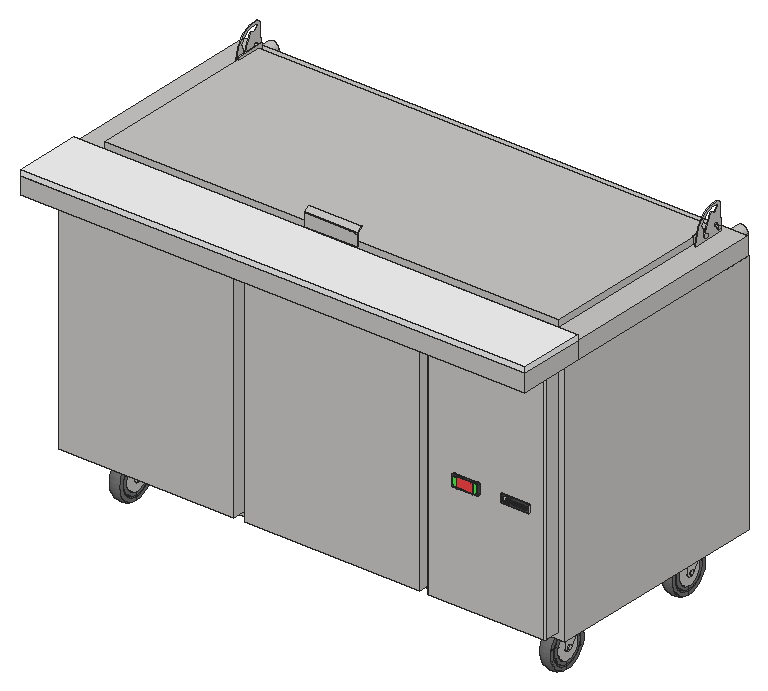
Revit family "QF_MACOM_RPTx-AITM", category Equipamento especial, Revit 2020
Family settings
  Cota do conector redondo = Utilizar diâmetro
  Tipo de parte = Normal
  Número OmniClass = 23.40.40.11.11.11
  Título OmniClass = Refrigerators
  Com base no plano de trabalho = Não
  Sempre na vertical = Sim
  Corte com vazios quando carregada = Não
  Compartilhado = Não
  Ponto de cálculo do ambiente = Não
Parameters (values of type "RPT2-AITM")
  Work Temperature (Gabinete) = "+1ºC a +4ºC"
  Work Temperature (Cabeçotel) = "+1ºC a +5ºC"
  Weight [instance] = 0.00 kg
  Watts [instance] = 807 W
  Volume = 1.12 m³
  Volts [instance] = 220 V
  URL = "https://www.acosmacom.com.br/produtos/refrigerador-horizontal-mega-top/"
  Separate Door Location = if(Length Actual > 1969 mm, 1012 mm, Length Actual / 2)  # 719.5 mm
  Number of Doors = 2
  Door 1 = if(Length Actual > 909 mm, 529 mm, 0 mm)  # 529 mm
  Defrost Power = 624 W
  Center Handle = (Length Actual / 2)  # 719.5 mm
  Modelo = "RPT2-AITM"
  Handle Center = Length Actual < 1969 mm  # yes
  GN's Capacity (1/6-150) = "21"
  Fabricante = "MACOM"
  Elevação padrão = 0 mm
  Door Separator = if(Length Actual > 1966 mm, 800 mm, 10 mm)  # 10 mm
  Door 3 = Length Actual > 1969 mm  # no
  Door 2 = Length Actual > 1438 mm  # yes
  Descrição = "REFRIG HORIZ PREP TABLE MACOM, MEGA P/ 21 GNS 1/6-150, 2 PORTAS INOX, 16 TRILHOS, ALTILENO-1435X800X900"
  Type Comments = ""
  Show Logo [instance] = yes
  Show Clearances [instance] = yes
  Refrigeration Defrost Drain [instance] = yes
  Refrigeration Climate Class [instance] = "4"
  Refrigerant Type [instance] = "R134a"
  Phase [instance] = 1
  Operational Current [instance] = 3.4 A
  Length Actual = 1439 mm
  Ingress Protection Code [instance] = "IP 22"
  Identify Quantity as Lot [instance] = yes
  Height Actual [instance] = 990 mm  # constant formula
  Foodservice Equipment Identifier [instance] = yes
  Elec Conn Connection Height [instance] = 460 mm
  Depth Actual [instance] = 838 mm  # constant formula
  Cycle [instance] = 60 Hz
  CSI MasterFormat [instance] = ""
  CE Approved [instance] = yes
  Accessory [instance] = yes
Reference planes
  plane 1 "Centro (Frontal/Traseira)": y = 0
  plane 2: z = 0
  plane 3 "Centro (Esquerda/Direita)": x = 0
  plane 4: z = 858
  plane 5: z = 157
  plane 6: z = 157
  plane 7: y = -139
  plane 8: x = 1334
  plane 9: x = 105
  plane 10: z = 848
  plane 11: z = 175.1
  plane 12: x = 1439
  plane 13: y = -838
  plane 14: x = 30.6
  plane 15: x = 559.6
  plane 16: x = 561.5
  plane 17: y = -694
  plane 18: z = 847
  plane 19: y = -60
  plane 20: y = -39
  plane 21: y = -648
  plane 22: y = -574
  plane 23: y = -838
  plane 24: z = 950
  plane 25: z = 965
  plane 26: z = 990
  plane 27: y = -627
  plane 28: z = 954
  plane 29: x = 789.717
  plane 30: x = 1071.084
  plane 31: x = 481
  plane 32: x = 599
  plane 33: z = 885
Forms (mm)
  Extrusion 1, solid, material "QF_Stainless_Steel"
    sketch origin (0, 39, 0) x (0, 1, 0) y (0, 0, 1)
      loop
        line (-78, 157) -> (-78, 858) -> (-733, 858) -> (-733, 157) -> (-78, 157)
    from 0 to 1439 <- "Length Actual"
  Extrusion 2, solid, material "QF_Stainless_Steel"
    sketch origin (41.5, -85, 857) x (0, -1, 0) y (1, 0, 0)
      loop
        line (609, 1379) -> (609, 1041) -> (649, 1041)
        arc (649, 1041) -> (652.536, 1042.464) -> (654, 1046) r 5
        line (654, 1046) -> (654, 1374)
        arc (654, 1374) -> (652.536, 1377.536) -> (649, 1379) r 5
        line (649, 1379) -> (609, 1379)
    from -10 to -681.9
  Extrusion 3, solid, material "QF_Metal_Stainless Steel"
    sketch origin (0, 39, 0) x (0, -1, 0) y (0, 0, 1)
      loop
        line (78, 858) -> (687, 858) -> (687, 908) -> (78, 908) -> (78, 858)
    from 0 to -1439
  Extrusion 4, solid, material "QF_Clearence", visible <- "Show Clearances", detail levels coarse
    sketch origin (68.7, -92.729, -184.77) x (0, -0.992546, 0.121869) y (0, 0.121869, 0.992546)
      loop
        arc (665.658, 1037.379) -> (553.674, 1441.177) -> (188.962, 1647.522) r 547.5
        line (188.962, 1647.522) -> (122.239, 1104.103) -> (665.658, 1037.379)
    from -2.3 to -1299.3
  Extrusion 5, solid, material "QF_Metal_Stainless Steel"
    sketch origin (0, -886, 840) x (0, 1, 0) y (-1, 0, 0)
      loop
        line (806.5, -71) -> (259, -71) -> (259, -1368) -> (806.5, -1368) -> (806.5, -71)
    from 86 to 68
  Extrusion 6, void
    sketch origin (0, -85, 858.603) x (0, -1, 0) y (1, 0, 0)
      loop
        line (-5.437, 719.5) -> (542, 719.5) -> (542, 837.5) -> (-5.437, 837.5) -> (-5.437, 719.5)
    from -0.603 to 10 <- "Door Separator"
  Extrusion 7, solid, material "QF_Metal_Stainless Steel"
    sketch origin (0, 39, 0) x (0, -1, 0) y (0, 0, 1)
      loop
        line (877, 908) -> (687, 908) -> (687, 858) -> (877, 858) -> (877, 908)
    from 0 to -1439
  Revolve 8, solid, material "QF_Metal_Stainless Steel", detail levels medium+fine
    sketch origin (0, -922.673, 885) x (-1, 0, 0) y (0, -1, 0)
      loop
        line (-42, -883.673) -> (-50, -883.673) -> (-50, -922.673) -> (-32.963, -922.673) -> (-32.963, -885.173) -> (-42, -885.173) -> (-42, -883.673)
      axis (-50, -883.673) -> (-50, -922.673)
    angle from 0 to 360
  Revolve 9, solid, material "QF_Metal_Stainless Steel", detail levels medium+fine
    sketch origin (1850, -922.673, 885) x (-1, 0, 0) y (0, -1, 0)
      loop
        line (469, -883.673) -> (461, -883.673) -> (461, -922.673) -> (478.037, -922.673) -> (478.037, -885.173) -> (469, -885.173) -> (469, -883.673)
      axis (461, -883.673) -> (461, -922.673)
    angle from 0 to 360
  Extrusion 10, solid, material "QF_Metal_Stainless Steel"
    sketch origin (0, -39, 858) x (0, 0, -1) y (-1, 0, 0)
      loop
        circle (398, -1111) r 9.525
    from 0 to 6.4
  Extrusion 11, solid, material "QF_Plastic-Opaque-White"
    sketch origin (0, 39, 0) x (0, -1, 0) y (0, 0, 1)
      loop
        line (877, 908) -> (877, 923) -> (687, 923) -> (687, 908) -> (877, 908)
    from 0 to -1439
Cuts and joins
  Extrusion 6 cuts Extrusion 5
  Extrusion 6 cuts Extrusion 4
Lines and regions (mm)
  model lines, detail levels fine
    curve 1: line (1117.5, -739, 799.1) -> (1197.5, -739, 799.1)
    curve 2: line (1117.5, -739, 794.1) -> (1117.5, -739, 799.1)
    curve 3: line (1197.5, -739, 794.1) -> (1117.5, -739, 794.1)
    curve 4: line (1197.5, -739, 799.1) -> (1197.5, -739, 794.1)
    curve 5: line (1212.5, -739, 799.1) -> (1292.5, -739, 799.1)
    curve 6: line (1212.5, -739, 794.1) -> (1212.5, -739, 799.1)
    curve 7: line (1292.5, -739, 794.1) -> (1212.5, -739, 794.1)
    curve 8: line (1292.5, -739, 799.1) -> (1292.5, -739, 794.1)
    curve 9: line (1307.5, -739, 799.1) -> (1387.5, -739, 799.1)
    curve 10: line (1307.5, -739, 794.1) -> (1307.5, -739, 799.1)
    curve 11: line (1387.5, -739, 794.1) -> (1307.5, -739, 794.1)
    curve 12: line (1387.5, -739, 799.1) -> (1387.5, -739, 794.1)
    curve 13: line (1117.5, -739, 789.1) -> (1197.5, -739, 789.1)
    curve 14: line (1117.5, -739, 784.1) -> (1117.5, -739, 789.1)
    curve 15: line (1197.5, -739, 784.1) -> (1117.5, -739, 784.1)
    curve 16: line (1197.5, -739, 789.1) -> (1197.5, -739, 784.1)
    curve 17: line (1212.5, -739, 789.1) -> (1292.5, -739, 789.1)
    curve 18: line (1212.5, -739, 784.1) -> (1212.5, -739, 789.1)
    curve 19: line (1292.5, -739, 784.1) -> (1212.5, -739, 784.1)
    curve 20: line (1292.5, -739, 789.1) -> (1292.5, -739, 784.1)
    curve 21: line (1307.5, -739, 789.1) -> (1387.5, -739, 789.1)
    curve 22: line (1307.5, -739, 784.1) -> (1307.5, -739, 789.1)
    curve 23: line (1387.5, -739, 784.1) -> (1307.5, -739, 784.1)
    curve 24: line (1387.5, -739, 789.1) -> (1387.5, -739, 784.1)
    curve 25: line (1117.5, -739, 779.1) -> (1197.5, -739, 779.1)
    curve 26: line (1117.5, -739, 774.1) -> (1117.5, -739, 779.1)
    curve 27: line (1197.5, -739, 774.1) -> (1117.5, -739, 774.1)
    curve 28: line (1197.5, -739, 779.1) -> (1197.5, -739, 774.1)
    curve 29: line (1212.5, -739, 779.1) -> (1292.5, -739, 779.1)
    curve 30: line (1212.5, -739, 774.1) -> (1212.5, -739, 779.1)
    curve 31: line (1292.5, -739, 774.1) -> (1212.5, -739, 774.1)
    curve 32: line (1292.5, -739, 779.1) -> (1292.5, -739, 774.1)
    curve 33: line (1307.5, -739, 779.1) -> (1387.5, -739, 779.1)
    curve 34: line (1307.5, -739, 774.1) -> (1307.5, -739, 779.1)
    curve 35: line (1387.5, -739, 774.1) -> (1307.5, -739, 774.1)
    curve 36: line (1387.5, -739, 779.1) -> (1387.5, -739, 774.1)
    curve 37: line (1117.5, -739, 769.1) -> (1197.5, -739, 769.1)
    curve 38: line (1117.5, -739, 764.1) -> (1117.5, -739, 769.1)
    curve 39: line (1197.5, -739, 764.1) -> (1117.5, -739, 764.1)
    curve 40: line (1197.5, -739, 769.1) -> (1197.5, -739, 764.1)
    curve 41: line (1212.5, -739, 769.1) -> (1292.5, -739, 769.1)
    curve 42: line (1212.5, -739, 764.1) -> (1212.5, -739, 769.1)
    curve 43: line (1292.5, -739, 764.1) -> (1212.5, -739, 764.1)
    curve 44: line (1292.5, -739, 769.1) -> (1292.5, -739, 764.1)
    curve 45: line (1307.5, -739, 769.1) -> (1387.5, -739, 769.1)
    curve 46: line (1307.5, -739, 764.1) -> (1307.5, -739, 769.1)
    curve 47: line (1387.5, -739, 764.1) -> (1307.5, -739, 764.1)
    curve 48: line (1387.5, -739, 769.1) -> (1387.5, -739, 764.1)
    curve 49: line (1117.5, -739, 589.1) -> (1197.5, -739, 589.1)
    curve 50: line (1117.5, -739, 584.1) -> (1117.5, -739, 589.1)
    curve 51: line (1197.5, -739, 584.1) -> (1117.5, -739, 584.1)
    curve 52: line (1197.5, -739, 589.1) -> (1197.5, -739, 584.1)
    curve 53: line (1212.5, -739, 589.1) -> (1292.5, -739, 589.1)
    curve 54: line (1212.5, -739, 584.1) -> (1212.5, -739, 589.1)
    curve 55: line (1292.5, -739, 584.1) -> (1212.5, -739, 584.1)
    curve 56: line (1292.5, -739, 589.1) -> (1292.5, -739, 584.1)
    curve 57: line (1307.5, -739, 589.1) -> (1387.5, -739, 589.1)
    curve 58: line (1307.5, -739, 584.1) -> (1307.5, -739, 589.1)
    curve 59: line (1387.5, -739, 584.1) -> (1307.5, -739, 584.1)
    curve 60: line (1387.5, -739, 589.1) -> (1387.5, -739, 584.1)
    curve 61: line (1117.5, -739, 579.1) -> (1197.5, -739, 579.1)
    curve 62: line (1117.5, -739, 574.1) -> (1117.5, -739, 579.1)
    curve 63: line (1197.5, -739, 574.1) -> (1117.5, -739, 574.1)
    curve 64: line (1197.5, -739, 579.1) -> (1197.5, -739, 574.1)
    curve 65: line (1212.5, -739, 579.1) -> (1292.5, -739, 579.1)
    curve 66: line (1212.5, -739, 574.1) -> (1212.5, -739, 579.1)
    curve 67: line (1292.5, -739, 574.1) -> (1212.5, -739, 574.1)
    curve 68: line (1292.5, -739, 579.1) -> (1292.5, -739, 574.1)
    curve 69: line (1307.5, -739, 579.1) -> (1387.5, -739, 579.1)
    curve 70: line (1307.5, -739, 574.1) -> (1307.5, -739, 579.1)
    curve 71: line (1387.5, -739, 574.1) -> (1307.5, -739, 574.1)
    curve 72: line (1387.5, -739, 579.1) -> (1387.5, -739, 574.1)
    curve 73: line (1117.5, -739, 569.1) -> (1197.5, -739, 569.1)
    curve 74: line (1117.5, -739, 564.1) -> (1117.5, -739, 569.1)
    curve 75: line (1197.5, -739, 564.1) -> (1117.5, -739, 564.1)
    curve 76: line (1197.5, -739, 569.1) -> (1197.5, -739, 564.1)
    curve 77: line (1212.5, -739, 569.1) -> (1292.5, -739, 569.1)
    curve 78: line (1212.5, -739, 564.1) -> (1212.5, -739, 569.1)
    curve 79: line (1292.5, -739, 564.1) -> (1212.5, -739, 564.1)
    curve 80: line (1292.5, -739, 569.1) -> (1292.5, -739, 564.1)
    curve 81: line (1307.5, -739, 569.1) -> (1387.5, -739, 569.1)
    curve 82: line (1307.5, -739, 564.1) -> (1307.5, -739, 569.1)
    curve 83: line (1387.5, -739, 564.1) -> (1307.5, -739, 564.1)
    curve 84: line (1387.5, -739, 569.1) -> (1387.5, -739, 564.1)
    curve 85: line (1117.5, -739, 559.1) -> (1197.5, -739, 559.1)
    curve 86: line (1117.5, -739, 554.1) -> (1117.5, -739, 559.1)
    curve 87: line (1197.5, -739, 554.1) -> (1117.5, -739, 554.1)
    curve 88: line (1197.5, -739, 559.1) -> (1197.5, -739, 554.1)
    curve 89: line (1212.5, -739, 559.1) -> (1292.5, -739, 559.1)
    curve 90: line (1212.5, -739, 554.1) -> (1212.5, -739, 559.1)
    curve 91: line (1292.5, -739, 554.1) -> (1212.5, -739, 554.1)
    curve 92: line (1292.5, -739, 559.1) -> (1292.5, -739, 554.1)
    curve 93: line (1307.5, -739, 559.1) -> (1387.5, -739, 559.1)
    curve 94: line (1307.5, -739, 554.1) -> (1307.5, -739, 559.1)
    curve 95: line (1387.5, -739, 554.1) -> (1307.5, -739, 554.1)
    curve 96: line (1387.5, -739, 559.1) -> (1387.5, -739, 554.1)
    curve 97: line (1117.5, -739, 629.1) -> (1197.5, -739, 629.1)
    curve 98: line (1117.5, -739, 624.1) -> (1117.5, -739, 629.1)
    curve 99: line (1197.5, -739, 624.1) -> (1117.5, -739, 624.1)
    curve 100: line (1197.5, -739, 629.1) -> (1197.5, -739, 624.1)
    curve 101: line (1212.5, -739, 629.1) -> (1292.5, -739, 629.1)
    curve 102: line (1212.5, -739, 624.1) -> (1212.5, -739, 629.1)
    curve 103: line (1292.5, -739, 624.1) -> (1212.5, -739, 624.1)
    curve 104: line (1292.5, -739, 629.1) -> (1292.5, -739, 624.1)
    curve 105: line (1307.5, -739, 629.1) -> (1387.5, -739, 629.1)
    curve 106: line (1307.5, -739, 624.1) -> (1307.5, -739, 629.1)
    curve 107: line (1387.5, -739, 624.1) -> (1307.5, -739, 624.1)
    curve 108: line (1387.5, -739, 629.1) -> (1387.5, -739, 624.1)
    curve 109: line (1117.5, -739, 619.1) -> (1197.5, -739, 619.1)
    curve 110: line (1117.5, -739, 614.1) -> (1117.5, -739, 619.1)
    curve 111: line (1197.5, -739, 614.1) -> (1117.5, -739, 614.1)
    curve 112: line (1197.5, -739, 619.1) -> (1197.5, -739, 614.1)
    curve 113: line (1212.5, -739, 619.1) -> (1292.5, -739, 619.1)
    curve 114: line (1212.5, -739, 614.1) -> (1212.5, -739, 619.1)
    curve 115: line (1292.5, -739, 614.1) -> (1212.5, -739, 614.1)
    curve 116: line (1292.5, -739, 619.1) -> (1292.5, -739, 614.1)
    curve 117: line (1307.5, -739, 619.1) -> (1387.5, -739, 619.1)
    curve 118: line (1307.5, -739, 614.1) -> (1307.5, -739, 619.1)
    curve 119: line (1387.5, -739, 614.1) -> (1307.5, -739, 614.1)
    curve 120: line (1387.5, -739, 619.1) -> (1387.5, -739, 614.1)
    curve 121: line (1117.5, -739, 609.1) -> (1197.5, -739, 609.1)
    curve 122: line (1117.5, -739, 604.1) -> (1117.5, -739, 609.1)
    curve 123: line (1197.5, -739, 604.1) -> (1117.5, -739, 604.1)
    curve 124: line (1197.5, -739, 609.1) -> (1197.5, -739, 604.1)
    curve 125: line (1212.5, -739, 609.1) -> (1292.5, -739, 609.1)
    curve 126: line (1212.5, -739, 604.1) -> (1212.5, -739, 609.1)
    curve 127: line (1292.5, -739, 604.1) -> (1212.5, -739, 604.1)
    curve 128: line (1292.5, -739, 609.1) -> (1292.5, -739, 604.1)
    curve 129: line (1307.5, -739, 609.1) -> (1387.5, -739, 609.1)
    curve 130: line (1307.5, -739, 604.1) -> (1307.5, -739, 609.1)
    curve 131: line (1387.5, -739, 604.1) -> (1307.5, -739, 604.1)
    curve 132: line (1387.5, -739, 609.1) -> (1387.5, -739, 604.1)
    curve 133: line (1117.5, -739, 599.1) -> (1197.5, -739, 599.1)
    curve 134: line (1117.5, -739, 594.1) -> (1117.5, -739, 599.1)
    curve 135: line (1197.5, -739, 594.1) -> (1117.5, -739, 594.1)
    curve 136: line (1197.5, -739, 599.1) -> (1197.5, -739, 594.1)
    curve 137: line (1212.5, -739, 599.1) -> (1292.5, -739, 599.1)
    curve 138: line (1212.5, -739, 594.1) -> (1212.5, -739, 599.1)
    curve 139: line (1292.5, -739, 594.1) -> (1212.5, -739, 594.1)
    curve 140: line (1292.5, -739, 599.1) -> (1292.5, -739, 594.1)
    curve 141: line (1307.5, -739, 599.1) -> (1387.5, -739, 599.1)
    curve 142: line (1307.5, -739, 594.1) -> (1307.5, -739, 599.1)
    curve 143: line (1387.5, -739, 594.1) -> (1307.5, -739, 594.1)
    curve 144: line (1387.5, -739, 599.1) -> (1387.5, -739, 594.1)
    curve 145: line (1117.5, -739, 669.1) -> (1197.5, -739, 669.1)
    curve 146: line (1117.5, -739, 664.1) -> (1117.5, -739, 669.1)
    curve 147: line (1197.5, -739, 664.1) -> (1117.5, -739, 664.1)
    curve 148: line (1197.5, -739, 669.1) -> (1197.5, -739, 664.1)
    curve 149: line (1212.5, -739, 669.1) -> (1292.5, -739, 669.1)
    curve 150: line (1212.5, -739, 664.1) -> (1212.5, -739, 669.1)
    curve 151: line (1292.5, -739, 664.1) -> (1212.5, -739, 664.1)
    curve 152: line (1292.5, -739, 669.1) -> (1292.5, -739, 664.1)
    curve 153: line (1307.5, -739, 669.1) -> (1387.5, -739, 669.1)
    curve 154: line (1307.5, -739, 664.1) -> (1307.5, -739, 669.1)
    curve 155: line (1387.5, -739, 664.1) -> (1307.5, -739, 664.1)
    curve 156: line (1387.5, -739, 669.1) -> (1387.5, -739, 664.1)
    curve 157: line (1117.5, -739, 659.1) -> (1197.5, -739, 659.1)
    curve 158: line (1117.5, -739, 654.1) -> (1117.5, -739, 659.1)
    curve 159: line (1197.5, -739, 654.1) -> (1117.5, -739, 654.1)
    curve 160: line (1197.5, -739, 659.1) -> (1197.5, -739, 654.1)
    curve 161: line (1212.5, -739, 659.1) -> (1292.5, -739, 659.1)
    curve 162: line (1212.5, -739, 654.1) -> (1212.5, -739, 659.1)
    curve 163: line (1292.5, -739, 654.1) -> (1212.5, -739, 654.1)
    curve 164: line (1292.5, -739, 659.1) -> (1292.5, -739, 654.1)
    curve 165: line (1307.5, -739, 659.1) -> (1387.5, -739, 659.1)
    curve 166: line (1307.5, -739, 654.1) -> (1307.5, -739, 659.1)
    curve 167: line (1387.5, -739, 654.1) -> (1307.5, -739, 654.1)
    curve 168: line (1387.5, -739, 659.1) -> (1387.5, -739, 654.1)
    curve 169: line (1117.5, -739, 649.1) -> (1197.5, -739, 649.1)
    curve 170: line (1117.5, -739, 644.1) -> (1117.5, -739, 649.1)
    curve 171: line (1197.5, -739, 644.1) -> (1117.5, -739, 644.1)
    curve 172: line (1197.5, -739, 649.1) -> (1197.5, -739, 644.1)
    curve 173: line (1212.5, -739, 649.1) -> (1292.5, -739, 649.1)
    curve 174: line (1212.5, -739, 644.1) -> (1212.5, -739, 649.1)
    curve 175: line (1292.5, -739, 644.1) -> (1212.5, -739, 644.1)
    curve 176: line (1292.5, -739, 649.1) -> (1292.5, -739, 644.1)
    curve 177: line (1307.5, -739, 649.1) -> (1387.5, -739, 649.1)
    curve 178: line (1307.5, -739, 644.1) -> (1307.5, -739, 649.1)
    curve 179: line (1387.5, -739, 644.1) -> (1307.5, -739, 644.1)
    curve 180: line (1387.5, -739, 649.1) -> (1387.5, -739, 644.1)
    curve 181: line (1117.5, -739, 639.1) -> (1197.5, -739, 639.1)
    curve 182: line (1117.5, -739, 634.1) -> (1117.5, -739, 639.1)
    curve 183: line (1197.5, -739, 634.1) -> (1117.5, -739, 634.1)
    curve 184: line (1197.5, -739, 639.1) -> (1197.5, -739, 634.1)
    curve 185: line (1212.5, -739, 639.1) -> (1292.5, -739, 639.1)
    curve 186: line (1212.5, -739, 634.1) -> (1212.5, -739, 639.1)
    curve 187: line (1292.5, -739, 634.1) -> (1212.5, -739, 634.1)
    curve 188: line (1292.5, -739, 639.1) -> (1292.5, -739, 634.1)
    curve 189: line (1307.5, -739, 639.1) -> (1387.5, -739, 639.1)
    curve 190: line (1307.5, -739, 634.1) -> (1307.5, -739, 639.1)
    curve 191: line (1387.5, -739, 634.1) -> (1307.5, -739, 634.1)
    curve 192: line (1387.5, -739, 639.1) -> (1387.5, -739, 634.1)
    curve 193: line (1117.5, -739, 709.1) -> (1197.5, -739, 709.1)
    curve 194: line (1117.5, -739, 704.1) -> (1117.5, -739, 709.1)
    curve 195: line (1197.5, -739, 704.1) -> (1117.5, -739, 704.1)
    curve 196: line (1197.5, -739, 709.1) -> (1197.5, -739, 704.1)
    curve 197: line (1212.5, -739, 709.1) -> (1292.5, -739, 709.1)
    curve 198: line (1212.5, -739, 704.1) -> (1212.5, -739, 709.1)
    curve 199: line (1292.5, -739, 704.1) -> (1212.5, -739, 704.1)
    curve 200: line (1292.5, -739, 709.1) -> (1292.5, -739, 704.1)
    curve 201: line (1307.5, -739, 709.1) -> (1387.5, -739, 709.1)
    curve 202: line (1307.5, -739, 704.1) -> (1307.5, -739, 709.1)
    curve 203: line (1387.5, -739, 704.1) -> (1307.5, -739, 704.1)
    curve 204: line (1387.5, -739, 709.1) -> (1387.5, -739, 704.1)
    curve 205: line (1117.5, -739, 699.1) -> (1197.5, -739, 699.1)
    curve 206: line (1117.5, -739, 694.1) -> (1117.5, -739, 699.1)
    curve 207: line (1197.5, -739, 694.1) -> (1117.5, -739, 694.1)
    curve 208: line (1197.5, -739, 699.1) -> (1197.5, -739, 694.1)
    curve 209: line (1212.5, -739, 699.1) -> (1292.5, -739, 699.1)
    curve 210: line (1212.5, -739, 694.1) -> (1212.5, -739, 699.1)
    curve 211: line (1292.5, -739, 694.1) -> (1212.5, -739, 694.1)
    curve 212: line (1292.5, -739, 699.1) -> (1292.5, -739, 694.1)
    curve 213: line (1307.5, -739, 699.1) -> (1387.5, -739, 699.1)
    curve 214: line (1307.5, -739, 694.1) -> (1307.5, -739, 699.1)
    curve 215: line (1387.5, -739, 694.1) -> (1307.5, -739, 694.1)
    curve 216: line (1387.5, -739, 699.1) -> (1387.5, -739, 694.1)
    curve 217: line (1117.5, -739, 689.1) -> (1197.5, -739, 689.1)
    curve 218: line (1117.5, -739, 684.1) -> (1117.5, -739, 689.1)
    curve 219: line (1197.5, -739, 684.1) -> (1117.5, -739, 684.1)
    curve 220: line (1197.5, -739, 689.1) -> (1197.5, -739, 684.1)
    curve 221: line (1212.5, -739, 689.1) -> (1292.5, -739, 689.1)
    curve 222: line (1212.5, -739, 684.1) -> (1212.5, -739, 689.1)
    curve 223: line (1292.5, -739, 684.1) -> (1212.5, -739, 684.1)
    curve 224: line (1292.5, -739, 689.1) -> (1292.5, -739, 684.1)
    curve 225: line (1307.5, -739, 689.1) -> (1387.5, -739, 689.1)
    curve 226: line (1307.5, -739, 684.1) -> (1307.5, -739, 689.1)
    curve 227: line (1387.5, -739, 684.1) -> (1307.5, -739, 684.1)
    curve 228: line (1387.5, -739, 689.1) -> (1387.5, -739, 684.1)
    curve 229: line (1117.5, -739, 679.1) -> (1197.5, -739, 679.1)
    curve 230: line (1117.5, -739, 674.1) -> (1117.5, -739, 679.1)
    curve 231: line (1197.5, -739, 674.1) -> (1117.5, -739, 674.1)
    curve 232: line (1197.5, -739, 679.1) -> (1197.5, -739, 674.1)
    curve 233: line (1212.5, -739, 679.1) -> (1292.5, -739, 679.1)
    curve 234: line (1212.5, -739, 674.1) -> (1212.5, -739, 679.1)
    curve 235: line (1292.5, -739, 674.1) -> (1212.5, -739, 674.1)
    curve 236: line (1292.5, -739, 679.1) -> (1292.5, -739, 674.1)
    curve 237: line (1307.5, -739, 679.1) -> (1387.5, -739, 679.1)
    curve 238: line (1307.5, -739, 674.1) -> (1307.5, -739, 679.1)
    curve 239: line (1387.5, -739, 674.1) -> (1307.5, -739, 674.1)
    curve 240: line (1387.5, -739, 679.1) -> (1387.5, -739, 674.1)
    curve 241: line (1117.5, -739, 729.1) -> (1197.5, -739, 729.1)
    curve 242: line (1117.5, -739, 724.1) -> (1117.5, -739, 729.1)
    curve 243: line (1197.5, -739, 724.1) -> (1117.5, -739, 724.1)
    curve 244: line (1197.5, -739, 729.1) -> (1197.5, -739, 724.1)
    curve 245: line (1212.5, -739, 729.1) -> (1292.5, -739, 729.1)
    curve 246: line (1212.5, -739, 724.1) -> (1212.5, -739, 729.1)
    curve 247: line (1292.5, -739, 724.1) -> (1212.5, -739, 724.1)
    curve 248: line (1292.5, -739, 729.1) -> (1292.5, -739, 724.1)
    curve 249: line (1307.5, -739, 729.1) -> (1387.5, -739, 729.1)
    curve 250: line (1307.5, -739, 724.1) -> (1307.5, -739, 729.1)
    curve 251: line (1387.5, -739, 724.1) -> (1307.5, -739, 724.1)
    curve 252: line (1387.5, -739, 729.1) -> (1387.5, -739, 724.1)
    curve 253: line (1117.5, -739, 719.1) -> (1197.5, -739, 719.1)
    curve 254: line (1117.5, -739, 714.1) -> (1117.5, -739, 719.1)
    curve 255: line (1197.5, -739, 714.1) -> (1117.5, -739, 714.1)
    curve 256: line (1197.5, -739, 719.1) -> (1197.5, -739, 714.1)
    curve 257: line (1212.5, -739, 719.1) -> (1292.5, -739, 719.1)
    curve 258: line (1212.5, -739, 714.1) -> (1212.5, -739, 719.1)
    curve 259: line (1292.5, -739, 714.1) -> (1212.5, -739, 714.1)
    curve 260: line (1292.5, -739, 719.1) -> (1292.5, -739, 714.1)
    curve 261: line (1307.5, -739, 719.1) -> (1387.5, -739, 719.1)
    curve 262: line (1307.5, -739, 714.1) -> (1307.5, -739, 719.1)
    curve 263: line (1387.5, -739, 714.1) -> (1307.5, -739, 714.1)
    curve 264: line (1387.5, -739, 719.1) -> (1387.5, -739, 714.1)
    curve 265: line (1117.5, -739, 749.1) -> (1197.5, -739, 749.1)
    curve 266: line (1117.5, -739, 744.1) -> (1117.5, -739, 749.1)
    curve 267: line (1197.5, -739, 744.1) -> (1117.5, -739, 744.1)
    curve 268: line (1197.5, -739, 749.1) -> (1197.5, -739, 744.1)
    curve 269: line (1212.5, -739, 749.1) -> (1292.5, -739, 749.1)
    curve 270: line (1212.5, -739, 744.1) -> (1212.5, -739, 749.1)
    curve 271: line (1292.5, -739, 744.1) -> (1212.5, -739, 744.1)
    curve 272: line (1292.5, -739, 749.1) -> (1292.5, -739, 744.1)
    curve 273: line (1307.5, -739, 749.1) -> (1387.5, -739, 749.1)
    curve 274: line (1307.5, -739, 744.1) -> (1307.5, -739, 749.1)
    curve 275: line (1387.5, -739, 744.1) -> (1307.5, -739, 744.1)
    curve 276: line (1387.5, -739, 749.1) -> (1387.5, -739, 744.1)
    curve 277: line (1117.5, -739, 739.1) -> (1197.5, -739, 739.1)
    curve 278: line (1117.5, -739, 734.1) -> (1117.5, -739, 739.1)
    curve 279: line (1197.5, -739, 734.1) -> (1117.5, -739, 734.1)
    curve 280: line (1197.5, -739, 739.1) -> (1197.5, -739, 734.1)
    curve 281: line (1212.5, -739, 739.1) -> (1292.5, -739, 739.1)
    curve 282: line (1212.5, -739, 734.1) -> (1212.5, -739, 739.1)
    curve 283: line (1292.5, -739, 734.1) -> (1212.5, -739, 734.1)
    curve 284: line (1292.5, -739, 739.1) -> (1292.5, -739, 734.1)
    curve 285: line (1307.5, -739, 739.1) -> (1387.5, -739, 739.1)
    curve 286: line (1307.5, -739, 734.1) -> (1307.5, -739, 739.1)
    curve 287: line (1387.5, -739, 734.1) -> (1307.5, -739, 734.1)
    curve 288: line (1387.5, -739, 739.1) -> (1387.5, -739, 734.1)
    curve 289: line (1117.5, -739, 759.1) -> (1197.5, -739, 759.1)
    curve 290: line (1117.5, -739, 754.1) -> (1117.5, -739, 759.1)
    curve 291: line (1197.5, -739, 754.1) -> (1117.5, -739, 754.1)
    curve 292: line (1197.5, -739, 759.1) -> (1197.5, -739, 754.1)
    curve 293: line (1212.5, -739, 759.1) -> (1292.5, -739, 759.1)
    curve 294: line (1212.5, -739, 754.1) -> (1212.5, -739, 759.1)
    curve 295: line (1292.5, -739, 754.1) -> (1212.5, -739, 754.1)
    curve 296: line (1292.5, -739, 759.1) -> (1292.5, -739, 754.1)
    curve 297: line (1307.5, -739, 759.1) -> (1387.5, -739, 759.1)
    curve 298: line (1307.5, -739, 754.1) -> (1307.5, -739, 759.1)
    curve 299: line (1387.5, -739, 754.1) -> (1307.5, -739, 754.1)
    curve 300: line (1387.5, -739, 759.1) -> (1387.5, -739, 754.1)
    curve 301: line (1117.5, -739, 234.1) -> (1197.5, -739, 234.1)
    curve 302: line (1117.5, -739, 229.1) -> (1117.5, -739, 234.1)
    curve 303: line (1197.5, -739, 229.1) -> (1117.5, -739, 229.1)
    curve 304: line (1197.5, -739, 234.1) -> (1197.5, -739, 229.1)
    curve 305: line (1212.5, -739, 234.1) -> (1292.5, -739, 234.1)
    curve 306: line (1212.5, -739, 229.1) -> (1212.5, -739, 234.1)
    curve 307: line (1292.5, -739, 229.1) -> (1212.5, -739, 229.1)
    curve 308: line (1292.5, -739, 234.1) -> (1292.5, -739, 229.1)
    curve 309: line (1307.5, -739, 234.1) -> (1387.5, -739, 234.1)
    curve 310: line (1307.5, -739, 229.1) -> (1307.5, -739, 234.1)
    curve 311: line (1387.5, -739, 229.1) -> (1307.5, -739, 229.1)
    curve 312: line (1387.5, -739, 234.1) -> (1387.5, -739, 229.1)
    curve 313: line (1117.5, -739, 244.1) -> (1197.5, -739, 244.1)
    curve 314: line (1117.5, -739, 239.1) -> (1117.5, -739, 244.1)
    curve 315: line (1197.5, -739, 239.1) -> (1117.5, -739, 239.1)
    curve 316: line (1197.5, -739, 244.1) -> (1197.5, -739, 239.1)
    curve 317: line (1212.5, -739, 244.1) -> (1292.5, -739, 244.1)
    curve 318: line (1212.5, -739, 239.1) -> (1212.5, -739, 244.1)
    curve 319: line (1292.5, -739, 239.1) -> (1212.5, -739, 239.1)
    curve 320: line (1292.5, -739, 244.1) -> (1292.5, -739, 239.1)
    curve 321: line (1307.5, -739, 244.1) -> (1387.5, -739, 244.1)
    curve 322: line (1307.5, -739, 239.1) -> (1307.5, -739, 244.1)
    curve 323: line (1387.5, -739, 239.1) -> (1307.5, -739, 239.1)
    curve 324: line (1387.5, -739, 244.1) -> (1387.5, -739, 239.1)
    curve 325: line (1117.5, -739, 254.1) -> (1197.5, -739, 254.1)
    curve 326: line (1117.5, -739, 249.1) -> (1117.5, -739, 254.1)
    curve 327: line (1197.5, -739, 249.1) -> (1117.5, -739, 249.1)
    curve 328: line (1197.5, -739, 254.1) -> (1197.5, -739, 249.1)
    curve 329: line (1212.5, -739, 254.1) -> (1292.5, -739, 254.1)
    curve 330: line (1212.5, -739, 249.1) -> (1212.5, -739, 254.1)
    curve 331: line (1292.5, -739, 249.1) -> (1212.5, -739, 249.1)
    curve 332: line (1292.5, -739, 254.1) -> (1292.5, -739, 249.1)
    curve 333: line (1307.5, -739, 254.1) -> (1387.5, -739, 254.1)
    curve 334: line (1307.5, -739, 249.1) -> (1307.5, -739, 254.1)
    curve 335: line (1387.5, -739, 249.1) -> (1307.5, -739, 249.1)
    curve 336: line (1387.5, -739, 254.1) -> (1387.5, -739, 249.1)
    curve 337: line (1117.5, -739, 264.1) -> (1197.5, -739, 264.1)
    curve 338: line (1117.5, -739, 259.1) -> (1117.5, -739, 264.1)
    curve 339: line (1197.5, -739, 259.1) -> (1117.5, -739, 259.1)
    curve 340: line (1197.5, -739, 264.1) -> (1197.5, -739, 259.1)
    curve 341: line (1212.5, -739, 264.1) -> (1292.5, -739, 264.1)
    curve 342: line (1212.5, -739, 259.1) -> (1212.5, -739, 264.1)
    curve 343: line (1292.5, -739, 259.1) -> (1212.5, -739, 259.1)
    curve 344: line (1292.5, -739, 264.1) -> (1292.5, -739, 259.1)
    curve 345: line (1307.5, -739, 264.1) -> (1387.5, -739, 264.1)
    curve 346: line (1307.5, -739, 259.1) -> (1307.5, -739, 264.1)
    curve 347: line (1387.5, -739, 259.1) -> (1307.5, -739, 259.1)
    curve 348: line (1387.5, -739, 264.1) -> (1387.5, -739, 259.1)
    curve 349: line (1117.5, -739, 274.1) -> (1197.5, -739, 274.1)
    curve 350: line (1117.5, -739, 269.1) -> (1117.5, -739, 274.1)
    curve 351: line (1197.5, -739, 269.1) -> (1117.5, -739, 269.1)
    curve 352: line (1197.5, -739, 274.1) -> (1197.5, -739, 269.1)
    curve 353: line (1212.5, -739, 274.1) -> (1292.5, -739, 274.1)
    curve 354: line (1212.5, -739, 269.1) -> (1212.5, -739, 274.1)
    curve 355: line (1292.5, -739, 269.1) -> (1212.5, -739, 269.1)
    curve 356: line (1292.5, -739, 274.1) -> (1292.5, -739, 269.1)
    curve 357: line (1307.5, -739, 274.1) -> (1387.5, -739, 274.1)
    curve 358: line (1307.5, -739, 269.1) -> (1307.5, -739, 274.1)
    curve 359: line (1387.5, -739, 269.1) -> (1307.5, -739, 269.1)
    curve 360: line (1387.5, -739, 274.1) -> (1387.5, -739, 269.1)
    curve 361: line (1117.5, -739, 284.1) -> (1197.5, -739, 284.1)
    curve 362: line (1117.5, -739, 279.1) -> (1117.5, -739, 284.1)
    curve 363: line (1197.5, -739, 279.1) -> (1117.5, -739, 279.1)
    curve 364: line (1197.5, -739, 284.1) -> (1197.5, -739, 279.1)
    curve 365: line (1212.5, -739, 284.1) -> (1292.5, -739, 284.1)
    curve 366: line (1212.5, -739, 279.1) -> (1212.5, -739, 284.1)
    curve 367: line (1292.5, -739, 279.1) -> (1212.5, -739, 279.1)
    curve 368: line (1292.5, -739, 284.1) -> (1292.5, -739, 279.1)
    curve 369: line (1307.5, -739, 284.1) -> (1387.5, -739, 284.1)
    curve 370: line (1307.5, -739, 279.1) -> (1307.5, -739, 284.1)
    curve 371: line (1387.5, -739, 279.1) -> (1307.5, -739, 279.1)
    curve 372: line (1387.5, -739, 284.1) -> (1387.5, -739, 279.1)
    curve 373: line (1117.5, -739, 294.1) -> (1197.5, -739, 294.1)
    curve 374: line (1117.5, -739, 289.1) -> (1117.5, -739, 294.1)
    curve 375: line (1197.5, -739, 289.1) -> (1117.5, -739, 289.1)
    curve 376: line (1197.5, -739, 294.1) -> (1197.5, -739, 289.1)
    curve 377: line (1212.5, -739, 294.1) -> (1292.5, -739, 294.1)
    curve 378: line (1212.5, -739, 289.1) -> (1212.5, -739, 294.1)
    curve 379: line (1292.5, -739, 289.1) -> (1212.5, -739, 289.1)
    curve 380: line (1292.5, -739, 294.1) -> (1292.5, -739, 289.1)
    curve 381: line (1307.5, -739, 294.1) -> (1387.5, -739, 294.1)
    curve 382: line (1307.5, -739, 289.1) -> (1307.5, -739, 294.1)
    curve 383: line (1387.5, -739, 289.1) -> (1307.5, -739, 289.1)
    curve 384: line (1387.5, -739, 294.1) -> (1387.5, -739, 289.1)
    curve 385: line (1117.5, -739, 304.1) -> (1197.5, -739, 304.1)
    curve 386: line (1117.5, -739, 299.1) -> (1117.5, -739, 304.1)
    curve 387: line (1197.5, -739, 299.1) -> (1117.5, -739, 299.1)
    curve 388: line (1197.5, -739, 304.1) -> (1197.5, -739, 299.1)
    curve 389: line (1212.5, -739, 304.1) -> (1292.5, -739, 304.1)
    curve 390: line (1212.5, -739, 299.1) -> (1212.5, -739, 304.1)
    curve 391: line (1292.5, -739, 299.1) -> (1212.5, -739, 299.1)
    curve 392: line (1292.5, -739, 304.1) -> (1292.5, -739, 299.1)
    curve 393: line (1307.5, -739, 304.1) -> (1387.5, -739, 304.1)
    curve 394: line (1307.5, -739, 299.1) -> (1307.5, -739, 304.1)
    curve 395: line (1387.5, -739, 299.1) -> (1307.5, -739, 299.1)
    curve 396: line (1387.5, -739, 304.1) -> (1387.5, -739, 299.1)
    curve 397: line (1117.5, -739, 314.1) -> (1197.5, -739, 314.1)
    curve 398: line (1117.5, -739, 309.1) -> (1117.5, -739, 314.1)
    curve 399: line (1197.5, -739, 309.1) -> (1117.5, -739, 309.1)
    curve 400: line (1197.5, -739, 314.1) -> (1197.5, -739, 309.1)
    curve 401: line (1212.5, -739, 314.1) -> (1292.5, -739, 314.1)
    curve 402: line (1212.5, -739, 309.1) -> (1212.5, -739, 314.1)
    curve 403: line (1292.5, -739, 309.1) -> (1212.5, -739, 309.1)
    curve 404: line (1292.5, -739, 314.1) -> (1292.5, -739, 309.1)
    curve 405: line (1307.5, -739, 314.1) -> (1387.5, -739, 314.1)
    curve 406: line (1307.5, -739, 309.1) -> (1307.5, -739, 314.1)
    curve 407: line (1387.5, -739, 309.1) -> (1307.5, -739, 309.1)
    curve 408: line (1387.5, -739, 314.1) -> (1387.5, -739, 309.1)
    curve 409: line (1117.5, -739, 324.1) -> (1197.5, -739, 324.1)
    curve 410: line (1117.5, -739, 319.1) -> (1117.5, -739, 324.1)
    curve 411: line (1197.5, -739, 319.1) -> (1117.5, -739, 319.1)
    curve 412: line (1197.5, -739, 324.1) -> (1197.5, -739, 319.1)
    curve 413: line (1212.5, -739, 324.1) -> (1292.5, -739, 324.1)
    curve 414: line (1212.5, -739, 319.1) -> (1212.5, -739, 324.1)
    curve 415: line (1292.5, -739, 319.1) -> (1212.5, -739, 319.1)
    curve 416: line (1292.5, -739, 324.1) -> (1292.5, -739, 319.1)
    curve 417: line (1307.5, -739, 324.1) -> (1387.5, -739, 324.1)
    curve 418: line (1307.5, -739, 319.1) -> (1307.5, -739, 324.1)
    curve 419: line (1387.5, -739, 319.1) -> (1307.5, -739, 319.1)
    curve 420: line (1387.5, -739, 324.1) -> (1387.5, -739, 319.1)
    curve 421: line (1117.5, -739, 334.1) -> (1197.5, -739, 334.1)
    curve 422: line (1117.5, -739, 329.1) -> (1117.5, -739, 334.1)
    curve 423: line (1197.5, -739, 329.1) -> (1117.5, -739, 329.1)
    curve 424: line (1197.5, -739, 334.1) -> (1197.5, -739, 329.1)
    curve 425: line (1212.5, -739, 334.1) -> (1292.5, -739, 334.1)
    curve 426: line (1212.5, -739, 329.1) -> (1212.5, -739, 334.1)
    curve 427: line (1292.5, -739, 329.1) -> (1212.5, -739, 329.1)
    curve 428: line (1292.5, -739, 334.1) -> (1292.5, -739, 329.1)
    curve 429: line (1307.5, -739, 334.1) -> (1387.5, -739, 334.1)
    curve 430: line (1307.5, -739, 329.1) -> (1307.5, -739, 334.1)
    curve 431: line (1387.5, -739, 329.1) -> (1307.5, -739, 329.1)
    curve 432: line (1387.5, -739, 334.1) -> (1387.5, -739, 329.1)
    curve 433: line (1117.5, -739, 344.1) -> (1197.5, -739, 344.1)
    curve 434: line (1117.5, -739, 339.1) -> (1117.5, -739, 344.1)
    curve 435: line (1197.5, -739, 339.1) -> (1117.5, -739, 339.1)
    curve 436: line (1197.5, -739, 344.1) -> (1197.5, -739, 339.1)
    curve 437: line (1212.5, -739, 344.1) -> (1292.5, -739, 344.1)
    curve 438: line (1212.5, -739, 339.1) -> (1212.5, -739, 344.1)
    curve 439: line (1292.5, -739, 339.1) -> (1212.5, -739, 339.1)
    curve 440: line (1292.5, -739, 344.1) -> (1292.5, -739, 339.1)
    curve 441: line (1307.5, -739, 344.1) -> (1387.5, -739, 344.1)
    curve 442: line (1307.5, -739, 339.1) -> (1307.5, -739, 344.1)
    curve 443: line (1387.5, -739, 339.1) -> (1307.5, -739, 339.1)
    curve 444: line (1387.5, -739, 344.1) -> (1387.5, -739, 339.1)
    curve 445: line (1117.5, -739, 354.1) -> (1197.5, -739, 354.1)
    curve 446: line (1117.5, -739, 349.1) -> (1117.5, -739, 354.1)
    curve 447: line (1197.5, -739, 349.1) -> (1117.5, -739, 349.1)
    curve 448: line (1197.5, -739, 354.1) -> (1197.5, -739, 349.1)
    curve 449: line (1212.5, -739, 354.1) -> (1292.5, -739, 354.1)
    curve 450: line (1212.5, -739, 349.1) -> (1212.5, -739, 354.1)
    curve 451: line (1292.5, -739, 349.1) -> (1212.5, -739, 349.1)
    curve 452: line (1292.5, -739, 354.1) -> (1292.5, -739, 349.1)
    curve 453: line (1307.5, -739, 354.1) -> (1387.5, -739, 354.1)
    curve 454: line (1307.5, -739, 349.1) -> (1307.5, -739, 354.1)
    curve 455: line (1387.5, -739, 349.1) -> (1307.5, -739, 349.1)
    curve 456: line (1387.5, -739, 354.1) -> (1387.5, -739, 349.1)
    curve 457: line (1117.5, -739, 364.1) -> (1197.5, -739, 364.1)
    curve 458: line (1117.5, -739, 359.1) -> (1117.5, -739, 364.1)
    curve 459: line (1197.5, -739, 359.1) -> (1117.5, -739, 359.1)
    curve 460: line (1197.5, -739, 364.1) -> (1197.5, -739, 359.1)
    curve 461: line (1212.5, -739, 364.1) -> (1292.5, -739, 364.1)
    curve 462: line (1212.5, -739, 359.1) -> (1212.5, -739, 364.1)
    curve 463: line (1292.5, -739, 359.1) -> (1212.5, -739, 359.1)
    curve 464: line (1292.5, -739, 364.1) -> (1292.5, -739, 359.1)
    curve 465: line (1307.5, -739, 364.1) -> (1387.5, -739, 364.1)
    curve 466: line (1307.5, -739, 359.1) -> (1307.5, -739, 364.1)
    curve 467: line (1387.5, -739, 359.1) -> (1307.5, -739, 359.1)
    curve 468: line (1387.5, -739, 364.1) -> (1387.5, -739, 359.1)
    curve 469: line (1117.5, -739, 374.1) -> (1197.5, -739, 374.1)
    curve 470: line (1117.5, -739, 369.1) -> (1117.5, -739, 374.1)
    curve 471: line (1197.5, -739, 369.1) -> (1117.5, -739, 369.1)
    curve 472: line (1197.5, -739, 374.1) -> (1197.5, -739, 369.1)
    curve 473: line (1212.5, -739, 374.1) -> (1292.5, -739, 374.1)
    curve 474: line (1212.5, -739, 369.1) -> (1212.5, -739, 374.1)
    curve 475: line (1292.5, -739, 369.1) -> (1212.5, -739, 369.1)
    curve 476: line (1292.5, -739, 374.1) -> (1292.5, -739, 369.1)
    curve 477: line (1307.5, -739, 374.1) -> (1387.5, -739, 374.1)
    curve 478: line (1307.5, -739, 369.1) -> (1307.5, -739, 374.1)
    curve 479: line (1387.5, -739, 369.1) -> (1307.5, -739, 369.1)
    curve 480: line (1387.5, -739, 374.1) -> (1387.5, -739, 369.1)
    curve 481: line (1117.5, -739, 384.1) -> (1197.5, -739, 384.1)
    curve 482: line (1117.5, -739, 379.1) -> (1117.5, -739, 384.1)
    curve 483: line (1197.5, -739, 379.1) -> (1117.5, -739, 379.1)
    curve 484: line (1197.5, -739, 384.1) -> (1197.5, -739, 379.1)
    curve 485: line (1212.5, -739, 384.1) -> (1292.5, -739, 384.1)
    curve 486: line (1212.5, -739, 379.1) -> (1212.5, -739, 384.1)
    curve 487: line (1292.5, -739, 379.1) -> (1212.5, -739, 379.1)
    curve 488: line (1292.5, -739, 384.1) -> (1292.5, -739, 379.1)
    curve 489: line (1307.5, -739, 384.1) -> (1387.5, -739, 384.1)
    curve 490: line (1307.5, -739, 379.1) -> (1307.5, -739, 384.1)
    curve 491: line (1387.5, -739, 379.1) -> (1307.5, -739, 379.1)
    curve 492: line (1387.5, -739, 384.1) -> (1387.5, -739, 379.1)
    curve 493: line (1117.5, -739, 394.1) -> (1197.5, -739, 394.1)
    curve 494: line (1117.5, -739, 389.1) -> (1117.5, -739, 394.1)
    curve 495: line (1197.5, -739, 389.1) -> (1117.5, -739, 389.1)
    curve 496: line (1197.5, -739, 394.1) -> (1197.5, -739, 389.1)
    curve 497: line (1212.5, -739, 394.1) -> (1292.5, -739, 394.1)
    curve 498: line (1212.5, -739, 389.1) -> (1212.5, -739, 394.1)
    curve 499: line (1292.5, -739, 389.1) -> (1212.5, -739, 389.1)
    curve 500: line (1292.5, -739, 394.1) -> (1292.5, -739, 389.1)
    curve 501: line (1307.5, -739, 394.1) -> (1387.5, -739, 394.1)
    curve 502: line (1307.5, -739, 389.1) -> (1307.5, -739, 394.1)
    curve 503: line (1387.5, -739, 389.1) -> (1307.5, -739, 389.1)
    curve 504: line (1387.5, -739, 394.1) -> (1387.5, -739, 389.1)
    curve 505: line (1117.5, -739, 404.1) -> (1197.5, -739, 404.1)
    curve 506: line (1117.5, -739, 399.1) -> (1117.5, -739, 404.1)
    curve 507: line (1197.5, -739, 399.1) -> (1117.5, -739, 399.1)
    curve 508: line (1197.5, -739, 404.1) -> (1197.5, -739, 399.1)
    curve 509: line (1212.5, -739, 404.1) -> (1292.5, -739, 404.1)
    curve 510: line (1212.5, -739, 399.1) -> (1212.5, -739, 404.1)
    curve 511: line (1292.5, -739, 399.1) -> (1212.5, -739, 399.1)
    curve 512: line (1292.5, -739, 404.1) -> (1292.5, -739, 399.1)
    curve 513: line (1307.5, -739, 404.1) -> (1387.5, -739, 404.1)
    curve 514: line (1307.5, -739, 399.1) -> (1307.5, -739, 404.1)
    curve 515: line (1387.5, -739, 399.1) -> (1307.5, -739, 399.1)
    curve 516: line (1387.5, -739, 404.1) -> (1387.5, -739, 399.1)
    curve 517: line (1117.5, -739, 414.1) -> (1197.5, -739, 414.1)
    curve 518: line (1117.5, -739, 409.1) -> (1117.5, -739, 414.1)
    curve 519: line (1197.5, -739, 409.1) -> (1117.5, -739, 409.1)
    curve 520: line (1197.5, -739, 414.1) -> (1197.5, -739, 409.1)
    curve 521: line (1212.5, -739, 414.1) -> (1292.5, -739, 414.1)
    curve 522: line (1212.5, -739, 409.1) -> (1212.5, -739, 414.1)
    curve 523: line (1292.5, -739, 409.1) -> (1212.5, -739, 409.1)
    curve 524: line (1292.5, -739, 414.1) -> (1292.5, -739, 409.1)
    curve 525: line (1307.5, -739, 414.1) -> (1387.5, -739, 414.1)
    curve 526: line (1307.5, -739, 409.1) -> (1307.5, -739, 414.1)
    curve 527: line (1387.5, -739, 409.1) -> (1307.5, -739, 409.1)
    curve 528: line (1387.5, -739, 414.1) -> (1387.5, -739, 409.1)
    curve 529: line (1117.5, -739, 424.1) -> (1197.5, -739, 424.1)
    curve 530: line (1117.5, -739, 419.1) -> (1117.5, -739, 424.1)
    curve 531: line (1197.5, -739, 419.1) -> (1117.5, -739, 419.1)
    curve 532: line (1197.5, -739, 424.1) -> (1197.5, -739, 419.1)
    curve 533: line (1212.5, -739, 424.1) -> (1292.5, -739, 424.1)
    curve 534: line (1212.5, -739, 419.1) -> (1212.5, -739, 424.1)
    curve 535: line (1292.5, -739, 419.1) -> (1212.5, -739, 419.1)
    curve 536: line (1292.5, -739, 424.1) -> (1292.5, -739, 419.1)
    curve 537: line (1307.5, -739, 424.1) -> (1387.5, -739, 424.1)
    curve 538: line (1307.5, -739, 419.1) -> (1307.5, -739, 424.1)
    curve 539: line (1387.5, -739, 419.1) -> (1307.5, -739, 419.1)
    curve 540: line (1387.5, -739, 424.1) -> (1387.5, -739, 419.1)
    curve 541: line (1117.5, -739, 434.1) -> (1197.5, -739, 434.1)
    curve 542: line (1117.5, -739, 429.1) -> (1117.5, -739, 434.1)
    curve 543: line (1197.5, -739, 429.1) -> (1117.5, -739, 429.1)
    curve 544: line (1197.5, -739, 434.1) -> (1197.5, -739, 429.1)
    curve 545: line (1212.5, -739, 434.1) -> (1292.5, -739, 434.1)
    curve 546: line (1212.5, -739, 429.1) -> (1212.5, -739, 434.1)
    curve 547: line (1292.5, -739, 429.1) -> (1212.5, -739, 429.1)
    curve 548: line (1292.5, -739, 434.1) -> (1292.5, -739, 429.1)
    curve 549: line (1307.5, -739, 434.1) -> (1387.5, -739, 434.1)
    curve 550: line (1307.5, -739, 429.1) -> (1307.5, -739, 434.1)
    curve 551: line (1387.5, -739, 429.1) -> (1307.5, -739, 429.1)
    curve 552: line (1387.5, -739, 434.1) -> (1387.5, -739, 429.1)
  symbolic lines
    curve 553: line (0, -39, 0) -> (1439, -39, 0)
    curve 554: line (0, -838, 0) -> (0, -39, 0)
    curve 555: line (1439, -838, 0) -> (0, -838, 0)
    curve 556: line (1439, -39, 0) -> (1439, -838, 0)
    curve 593: line (1368, -64.787, 0) -> (1370.5, -64.787, 0)
    curve 594: line (1368, -79.5, 0) -> (1368, -64.787, 0)
    curve 595: line (1370.5, -147.248, 0) -> (1368, -147.248, 0)
    curve 596: line (1370.5, -64.787, 0) -> (1370.5, -147.248, 0)
    curve 597: line (1377.6, -149.999, 0) -> (1374.6, -149.999, 0)
    curve 598: line (1377.6, -60, 0) -> (1377.6, -67.004, 0)
    curve 599: line (1374.6, -60, 0) -> (1377.6, -60, 0)
    curve 600: line (1374.6, -149.999, 0) -> (1374.6, -123.267, 0)
    curve 601: line (1382.502, -113.305, 0) -> (1370.5, -113.305, 0)
    curve 602: line (1382.502, -123.267, 0) -> (1382.502, -113.305, 0)
    curve 603: line (1370.5, -123.267, 0) -> (1382.502, -123.267, 0)
    curve 604: line (1382.502, -67.004, 0) -> (1370.5, -67.004, 0)
    curve 605: line (1382.502, -74.937, 0) -> (1382.502, -67.004, 0)
    curve 606: line (1370.5, -74.937, 0) -> (1382.502, -74.937, 0)
    curve 607: line (1374.6, -113.305, 0) -> (1374.6, -74.937, 0)
    curve 608: line (1377.6, -123.267, 0) -> (1377.6, -149.999, 0)
    curve 609: line (1374.6, -67.004, 0) -> (1374.6, -60, 0)
    curve 610: line (1377.6, -74.937, 0) -> (1377.6, -113.305, 0)
    curve 611: line (61.383, -60, 0) -> (64.383, -60, 0)
    curve 612: line (61.383, -149.999, 0) -> (61.383, -122.866, 0)
    curve 613: line (64.383, -149.999, 0) -> (61.383, -149.999, 0)
    curve 614: line (64.383, -60, 0) -> (64.383, -67.033, 0)
    curve 615: line (68.5, -64.787, 0) -> (71, -64.787, 0)
    curve 616: line (68.5, -147.248, 0) -> (68.5, -64.787, 0)
    curve 617: line (71, -147.248, 0) -> (68.5, -147.248, 0)
    curve 618: line (71, -64.787, 0) -> (71, -79.5, 0)
    curve 619: line (56.498, -67.033, 0) -> (68.5, -67.033, 0)
    curve 620: line (56.498, -74.937, 0) -> (56.498, -67.033, 0)
    curve 621: line (68.5, -74.937, 0) -> (56.498, -74.937, 0)
    curve 622: line (56.498, -113.342, 0) -> (68.5, -113.342, 0)
    curve 623: line (56.498, -123.267, 0) -> (56.498, -113.342, 0)
    curve 624: line (68.5, -123.267, 0) -> (56.498, -123.267, 0)
    curve 625: line (61.383, -113.342, 0) -> (61.383, -74.937, 0)
    curve 626: line (64.383, -123.267, 0) -> (64.383, -149.999, 0)
    curve 627: line (64.383, -74.937, 0) -> (64.383, -113.342, 0)
    curve 628: line (61.383, -67.033, 0) -> (61.383, -60, 0)
    curve 630: line (1368, -627, 0) -> (599, -627, 0)
    curve 631: line (1368, -79.5, 0) -> (1368, -627, 0)
    curve 632: line (71, -627, 0) -> (599, -627, 0)
    curve 633: line (71, -79.5, 0) -> (71, -627, 0)
    curve 634: line (1368, -79.5, 0) -> (71, -79.5, 0)
    curve 636: line (1439, -838, 0) -> (0, -838, 0)
  symbolic lines, visible <- "Door 3"
    curve 557: line (1018.6, -60, 0) -> (1021.6, -60, 0)
    curve 558: line (1018.6, -149.999, 0) -> (1018.6, -123.267, 0)
    curve 559: line (1021.6, -149.999, 0) -> (1018.6, -149.999, 0)
    curve 560: line (1021.6, -60, 0) -> (1021.6, -67.004, 0)
    curve 561: line (1026.502, -67.004, 0) -> (1014.5, -67.004, 0)
    curve 562: line (1026.502, -74.937, 0) -> (1026.502, -67.004, 0)
    curve 563: line (1014.5, -74.937, 0) -> (1026.502, -74.937, 0)
    curve 564: line (1012, -64.787, 0) -> (1014.5, -64.787, 0)
    curve 565: line (1012, -79.5, 0) -> (1012, -64.787, 0)
    curve 566: line (1014.5, -147.248, 0) -> (1012, -147.248, 0)
    curve 567: line (1014.5, -64.787, 0) -> (1014.5, -147.248, 0)
    curve 568: line (1026.502, -113.267, 0) -> (1014.5, -113.267, 0)
    curve 569: line (1026.502, -123.267, 0) -> (1026.502, -113.267, 0)
    curve 570: line (1014.5, -123.267, 0) -> (1026.502, -123.267, 0)
    curve 571: line (1021.6, -123.267, 0) -> (1021.6, -149.999, 0)
    curve 572: line (1018.6, -113.267, 0) -> (1018.6, -74.937, 0)
    curve 573: line (1018.6, -67.004, 0) -> (1018.6, -60, 0)
    curve 574: line (1021.6, -74.937, 0) -> (1021.6, -113.267, 0)
    curve 575: line (596.5, -64.787, 0) -> (599, -64.787, 0)
    curve 576: line (596.5, -147.248, 0) -> (596.5, -64.787, 0)
    curve 577: line (599, -147.248, 0) -> (596.5, -147.248, 0)
    curve 578: line (599, -64.787, 0) -> (599, -79.563, 0)
    curve 579: line (589.383, -60, 0) -> (592.383, -60, 0)
    curve 580: line (589.383, -149.999, 0) -> (589.383, -123.305, 0)
    curve 581: line (592.383, -149.999, 0) -> (589.383, -149.999, 0)
    curve 582: line (592.383, -60, 0) -> (592.383, -67.004, 0)
    curve 583: line (584.498, -67.004, 0) -> (596.5, -67.004, 0)
    curve 584: line (584.498, -74.967, 0) -> (584.498, -67.004, 0)
    curve 585: line (596.5, -74.967, 0) -> (584.498, -74.967, 0)
    curve 586: line (584.498, -113.305, 0) -> (596.5, -113.305, 0)
    curve 587: line (584.498, -123.305, 0) -> (584.498, -113.305, 0)
    curve 588: line (596.5, -123.305, 0) -> (584.498, -123.305, 0)
    curve 589: line (592.383, -74.967, 0) -> (592.383, -113.305, 0)
    curve 590: line (589.383, -67.004, 0) -> (589.383, -60, 0)
    curve 591: line (592.383, -123.305, 0) -> (592.383, -149.999, 0)
    curve 592: line (589.383, -113.305, 0) -> (589.383, -74.967, 0)
    curve 629: line (599, -627, 0) -> (599, -79.563, 0)
    curve 635: line (1012, -627, 0) -> (1012, -79.5, 0)
  symbolic lines, detail levels medium+fine
    curve 637: line (58, -37.5, 0) -> (32.963, -37.5, 0)
    curve 638: line (32.963, -37.5, 0) -> (32.963, 0, 0)
    curve 639: line (32.963, 0, 0) -> (67.037, 0, 0)
    curve 640: line (67.037, 0, 0) -> (67.037, -37.5, 0)
    curve 641: line (67.037, -37.5, 0) -> (58, -37.5, 0)
    curve 642: line (58, -37.5, 0) -> (58, -39, 0)
    curve 643: line (42, -39, 0) -> (42, -37.5, 0)
    curve 644: line (1371.963, 0, 0) -> (1371.963, -37.5, 0)
    curve 645: line (1371.963, -37.5, 0) -> (1406.037, -37.5, 0)
    curve 646: line (1381, -37.5, 0) -> (1381, -39, 0)
    curve 647: line (1397, -37.5, 0) -> (1397, -39, 0)
    curve 648: line (1371.963, 0, 0) -> (1406.037, 0, 0)
    curve 649: line (1406.037, 0, 0) -> (1406.037, -37.5, 0)
Dimensions and locks
  locked: plane 5 to level at 157
  Extrusion 1 to plane 8 = 105 mm
  locked: plane 9 to plane 3 "Centro (Esquerda/Direita)" at 105
  locked: Extrusion 2 sketch curve to Extrusion 2 sketch curve at 338
  locked: plane 4 to plane 10 at 10
  "Length Actual": plane 12 to plane 3 "Centro (Esquerda/Direita)"
  locked: plane 16 to plane 12 at 877.5
  "Door 1": plane 14 to plane 15
  locked: Extrusion 2 sketch curve to plane 12 at 18.5
  locked: plane 12 to plane 8 at 105
  locked: plane 12 to nested 5 at 64.5
  locked: plane 12 to nested 6 at 207
  locked: Extrusion 5 sketch curve to plane 12 at 71
  locked: plane 3 "Centro (Esquerda/Direita)" to Extrusion 5 sketch curve at 71
  plane 1 "Centro (Frontal/Traseira)" to plane 20 = 39 mm
  locked: Extrusion 5 sketch curve to plane 20 at 40.5
  locked: plane 21 to Extrusion 5 sketch curve at 21
  locked: Extrusion 4 sketch curve to plane 21 at 21
  locked: plane 19 to plane 20 at 21
  plane 4 to level = 858 mm
  plane 12 to nested 11 = 61.4 mm
  locked: plane 3 "Centro (Esquerda/Direita)" to nested 13 at 61.383
  locked: plane 24 to plane 28 at 4
  "Center Handle": plane 12 to nested 16
  locked: nested 11 to plane 12 at 68.5
  plane 21 to plane 13 = 190 mm
  Extrusion 1 sketch curve to plane 13 = 144 mm
  locked: nested 14 to plane 12 at 457
  "Separate Door Location": plane 3 "Centro (Esquerda/Direita)" to Extrusion 6
  locked: Extrusion 6 sketch curve to Extrusion 6 sketch curve at 118
  locked: plane 16 to nested 12 at 22.998
  "Depth Actual": plane 1 "Centro (Frontal/Traseira)" to plane 13
  "Height Actual": level to plane 26
  locked: Extrusion 3 sketch curve to plane 4 at 50
  plane 17 to plane 13 = 144 mm
  locked: plane 3 "Centro (Esquerda/Direita)" to Revolve 8 sketch curve at 50
  locked: Revolve 9 sketch curve to plane 12 at 50
  locked: plane 12 to Extrusion 10 sketch curve at 328
  "Elec Conn Connection Height": level to Extrusion 10 sketch curve
  aligned and locked: level to plane 2
  aligned and locked: plane 6 to nested 4
  aligned and locked: plane 7 to nested 3
  aligned and locked: plane 7 to nested 1
  aligned and locked: plane 8 to nested 3
  aligned and locked: plane 8 to nested 4
  aligned and locked: plane 9 to nested 1
  aligned and locked: plane 9 to nested 2
  aligned and locked: plane 11 to Extrusion 2
  aligned and locked: plane 16 to nested 9
  aligned and locked: plane 14 to nested 7
  aligned and locked: plane 15 to nested 8
  aligned and locked: plane 17 to nested 9
  aligned and locked: plane 17 to nested 8
  aligned and locked: plane 17 to nested 7
  aligned and locked: plane 18 to nested 7
  aligned and locked: plane 19 to nested 10
  aligned and locked: plane 19 to nested 12
  aligned and locked: plane 19 to nested 11
  aligned and locked: plane 19 to nested 13
  aligned and locked: plane 22 to nested 2
  aligned and locked: plane 22 to nested 4
  aligned and locked: Extrusion 1 to Extrusion 3
  aligned and locked: plane 27 to nested 16
  aligned and locked: plane 27 to nested 15
  aligned and locked: plane 27 to nested 14
  aligned and locked: curve 554 to Extrusion 1
  aligned and locked: curve 557 to nested 10
  aligned and locked: curve 558 to nested 10
  aligned and locked: curve 559 to nested 10
  aligned and locked: curve 560 to nested 10
  aligned and locked: nested 10 to curve 562
  aligned and locked: curve 563 to nested 10
  aligned and locked: curve 564 to nested 10
  aligned and locked: curve 565 to nested 10
  aligned and locked: curve 566 to nested 10
  aligned and locked: curve 567 to nested 10
  aligned and locked: curve 569 to nested 10
  aligned and locked: curve 570 to nested 10
  aligned and locked: curve 575 to nested 12
  aligned and locked: curve 576 to nested 12
  aligned and locked: curve 577 to nested 12
  aligned and locked: curve 578 to nested 12
  aligned and locked: curve 579 to nested 12
  aligned and locked: curve 580 to nested 12
  aligned and locked: curve 581 to nested 12
  aligned and locked: curve 582 to nested 12
  aligned and locked: curve 584 to nested 12
  aligned and locked: curve 587 to nested 12
  aligned and locked: nested 11 to curve 593
  aligned and locked: curve 595 to nested 11
  aligned and locked: curve 596 to nested 11
  aligned and locked: curve 597 to nested 11
  aligned and locked: curve 598 to nested 11
  aligned and locked: curve 599 to nested 11
  aligned and locked: curve 600 to nested 11
  aligned and locked: curve 602 to nested 11
  aligned and locked: curve 603 to nested 11
  aligned and locked: nested 11 to curve 605
  aligned and locked: curve 606 to nested 11
  aligned and locked: curve 611 to nested 13
  aligned and locked: curve 612 to nested 13
  aligned and locked: curve 613 to nested 13
  aligned and locked: curve 614 to nested 13
  aligned and locked: curve 615 to nested 13
  aligned and locked: curve 616 to nested 13
  aligned and locked: curve 617 to nested 13
  aligned and locked: curve 618 to nested 13
  aligned and locked: curve 629 to curve 578
  aligned and locked: curve 631 to Extrusion 4
  aligned and locked: Extrusion 4 to curve 633
  aligned and locked: curve 635 to curve 565
  aligned and locked: plane 5 to Extrusion 1 sketch curve
  aligned and locked: plane 20 to Extrusion 1 sketch curve
  aligned and locked: Extrusion 1 sketch curve to plane 4
  aligned and locked: plane 23 to plane 13
  aligned and locked: Extrusion 7 sketch curve to plane 13
  aligned and locked: Extrusion 7 sketch curve to plane 21
  aligned and locked: Extrusion 7 to Extrusion 1
  aligned and locked: plane 27 to cut or joined group of Extrusion 5, Extrusion 6
  aligned and locked: plane 12 to Extrusion 7
